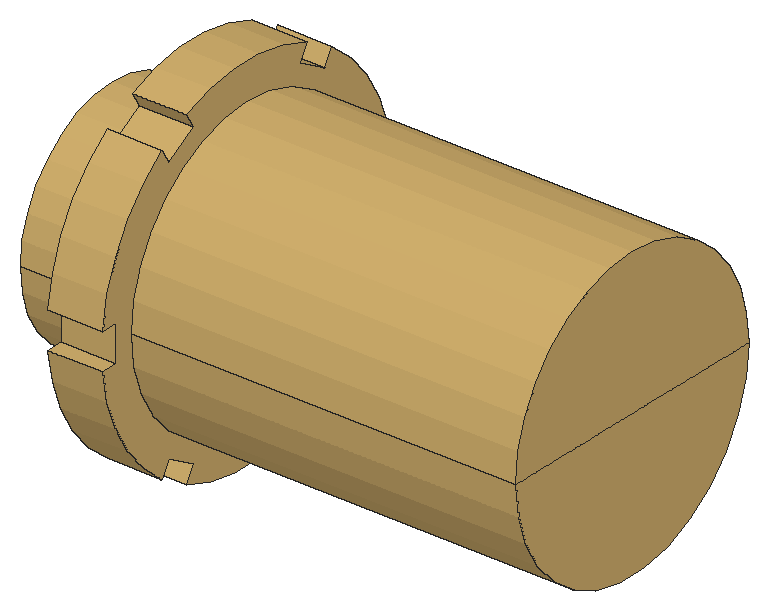
Revit family "qa", category Pipe Fittings, Revit 2018
Family settings
  Round Connector Dimension = Use Diameter
  Part Type = Transition
  OmniClass Number = 23.27.43.00
  OmniClass Title = Pipe Fittings
  Work Plane-Based = No
  Always vertical = Yes
  Cut with Voids When Loaded = No
  Shared = No
Parameters (values of type "90020")
  URL = "https://www.aignep.com/"
  Tick Size 02 [instance] = Nominal Diameter 02 * 0.4  # 25.40 mm
  Tick Size 01 [instance] = Nominal Diameter 01 * 0.4  # 32.00 mm
  QR code = "https://www.bimobject.com/aignep/product/tube-male-reducer-90020"
  Product url = "https://www.aignep.com/eng/Pipe-fittings-INFINITY/Air-Pipeline-INFINITY-Series/TUBE-MALE-REDUCER"
  Product name = "Tube-Male Reducer - 90020"
  Product group = "Fittings"
  Product family = "INFINITY"
  Product data url = "https://www.bimobject.com/aignep/product/tube-male-reducer-90020"
  Product certification = "https://www.aignep.com/eng/Certificazioni/FREE-OF-SILICON"
  Product SKU = "Tube-Male-Reducer-90020"
  Product Material = AIGNEP - Brass - Yellow
  Product Guid = "46c2632f-4457-49b9-ab34-72e4c379db0b"
  OmniClass Description = "Pipe Fittings"
  OmniClass Code = "23-27 43 00"
  Nominal Diameter 02 [instance] = 63.50 mm
  Nominal Diameter 01 [instance] = 80.00 mm
  Model = "90020"
  Material main = "Aluminium"
  Manufacturer name = "Aignep Spa"
  Manufacturer country = "Italy"
  Manufacturer = "Aignep Spa"
  Lookup Table Name = "90020"  # constant formula
  L [instance] = size_lookup(Lookup Table Name, "L", 0.00 mm, Nominal Diameter 01, Nominal Diameter 02)  # 143.00 mm
  Keynote = "15410"
  I_Type_A [instance] = Nominal Diameter 01 = 80.00 mm  # yes
  I_Type_01 [instance] = not(I_Type_A)  # no
  IFC Classification = "Pipe Fitting"
  Edition number = 1
  Design country = "Italy"
  Description = "Tube-male reducer"
  D [instance] = Nominal Diameter 01  # 80.00 mm
  CH [instance] = size_lookup(Lookup Table Name, "CH", 0.00 mm, Nominal Diameter 01, Nominal Diameter 02)  # 100.00 mm
  BIMobject category = "Joints"
  B [instance] = size_lookup(Lookup Table Name, "B", 0.00 mm, Nominal Diameter 01, Nominal Diameter 02)  # 22.00 mm
  Assembly Code = "D2040100"
  Article Code [instance] = size_lookup(Lookup Table Name, "", "ND", Nominal Diameter 01, Nominal Diameter 02)  # "90020 00 003"
  A [instance] = Nominal Diameter 02  # 63.50 mm
Reference planes
  plane 1 "Center (Front/Back)": y = -11.5
  plane 2: z = 0
  plane 3 "Center (Left/Right)": x = 0
  plane 4: y = 20.25
  plane 5: x = -89
  plane 6: x = 71.5
  plane 7: x = -67
  plane 8: y = -43.25
  plane 9: y = 28.5
  plane 10: y = -51.5
  plane 11: x = -52
  plane 12: x = -52
  plane 13: y = -61.5
  plane 14: y = 38.5
  plane 15: x = 143
  plane 16: x = 22
  plane 17: x = 37
Forms (mm)
  Revolve 1, solid, material "AIGNEP - Brass - Yellow" <- "Product Material", visible <- "I_Type_01", detail levels fine
    sketch origin (0, 0, 0) x (1, 0, 0) y (0, 1, 0)
      loop
        line (0, -11.5) -> (143, -11.5) -> (143, 28.5) -> (37, 28.5) -> (37, 20.25) -> (22, 20.25)
        arc (22, 20.25) -> (19.75, 19.386) -> (17.5, 20.25) r 3.363
        line (17.5, 20.25) -> (0, 20.25) -> (0, -11.5)
      axis (0, -11.5) -> (143, -11.5)
    angle from 0 to 360
  Revolve 2, solid, material "AIGNEP - Brass - Yellow" <- "Product Material", visible <- "I_Type_A", detail levels fine
    sketch origin (0, 0, 0) x (1, 0, 0) y (0, 1, 0)
      loop
        line (0, -11.5) -> (143, -11.5) -> (143, 28.5) -> (37, 28.5) -> (22, 28.5) -> (22, 20.25)
        arc (22, 20.25) -> (19.764, 19.559) -> (17.528, 20.25) r 3.964
        line (17.528, 20.25) -> (0, 20.25) -> (0, -11.5)
      axis (0, -11.5) -> (143, -11.5)
    angle from 0 to 360
  Sweep 3, solid, material "AIGNEP - Brass - Yellow" <- "Product Material", visible <- "I_Type_A", detail levels fine
    path origin (0, 0, 0) x (1, 0, 0) y (0, 1, 0)
      loop
        line (22, -11.5) -> (37, -11.5)
    profile origin (29.5, -11.5, 0) x (0, 1, 0) y (0, 0, 1)
      loop
        line (18.17, 41.471) -> (20.545, 45.584)
        arc (20.545, 45.584) -> (0, 50) -> (-20.545, 45.584) r 50
        line (-20.545, 45.584) -> (-18.17, 41.471) -> (-26.83, 36.471) -> (-29.205, 40.584)
        arc (-29.205, 40.584) -> (-43.301, 25) -> (-49.749, 5) r 50
        line (-49.749, 5) -> (-45, 5) -> (-45, -5) -> (-49.749, -5)
        arc (-49.749, -5) -> (-43.301, -25) -> (-29.205, -40.584) r 50
        line (-29.205, -40.584) -> (-26.83, -36.471) -> (-18.17, -41.471) -> (-20.545, -45.584)
        arc (-20.545, -45.584) -> (0, -50) -> (20.545, -45.584) r 50
        line (20.545, -45.584) -> (18.17, -41.471) -> (26.83, -36.471) -> (29.205, -40.584)
        arc (29.205, -40.584) -> (43.301, -25) -> (49.749, -5) r 50
        line (49.749, -5) -> (45, -5) -> (45, 5) -> (49.749, 5)
        arc (49.749, 5) -> (43.301, 25) -> (29.205, 40.584) r 50
        line (29.205, 40.584) -> (26.83, 36.471) -> (18.17, 41.471)
  Sweep 4, solid, material "AIGNEP - Brass - Yellow" <- "Product Material", visible <- "I_Type_01", detail levels fine
    path origin (0, 0, 0) x (1, 0, 0) y (0, 1, 0)
      loop
        line (22, -11.5) -> (37, -11.5)
    profile origin (29.5, -11.5, 0) x (0, 1, 0) y (0, 0, 1)
      loop
        line (24.42, 52.296) -> (26.82, 56.453)
        arc (26.82, 56.453) -> (0, 62.5) -> (-26.82, 56.453) r 62.5
        line (-26.82, 56.453) -> (-24.42, 52.296) -> (-33.08, 47.296) -> (-35.48, 51.453)
        arc (-35.48, 51.453) -> (-54.127, 31.25) -> (-62.3, 5) r 62.5
        line (-62.3, 5) -> (-57.5, 5) -> (-57.5, -5) -> (-62.3, -5)
        arc (-62.3, -5) -> (-54.127, -31.25) -> (-35.48, -51.453) r 62.5
        line (-35.48, -51.453) -> (-33.08, -47.296) -> (-24.42, -52.296) -> (-26.82, -56.453)
        arc (-26.82, -56.453) -> (0, -62.5) -> (26.82, -56.453) r 62.5
        line (26.82, -56.453) -> (24.42, -52.296) -> (33.08, -47.296) -> (35.48, -51.453)
        arc (35.48, -51.453) -> (54.127, -31.25) -> (62.3, -5) r 62.5
        line (62.3, -5) -> (57.5, -5) -> (57.5, 5) -> (62.3, 5)
        arc (62.3, 5) -> (54.127, 31.25) -> (35.48, 51.453) r 62.5
        line (35.48, 51.453) -> (33.08, 47.296) -> (24.42, 52.296)
Cuts and joins
  joined: Revolve 2, Sweep 3
  joined: Revolve 1, Sweep 4
Lines and regions (mm)
  model lines
    curve 1: line (0, -11.5, 0) -> (143, -11.5, 0)
  model lines, detail levels coarse+medium
    curve 2: line (143, -11.5, 0) -> (0, -11.5, 0)
    curve 3: line (143, 20.5, 0) -> (143, -43.5, 0)
    curve 4: line (0, 13.9, 0) -> (0, -36.9, 0)
Dimensions and locks
  equal spacing: plane 4, plane 1 "Center (Front/Back)", plane 8
  equal spacing: plane 9, plane 1 "Center (Front/Back)", plane 10
  locked: Revolve 1 sketch curve to Revolve 1 sketch curve at 4.5
  equal spacing: plane 14, plane 1 "Center (Front/Back)", plane 13
  "A": plane 4 to plane 8
  "D": plane 9 to plane 10
  "CH": plane 14 to plane 13
  equal spacing: plane 3 "Center (Left/Right)", plane 6, plane 15
  "L": plane 3 "Center (Left/Right)" to plane 15
  "B": plane 3 "Center (Left/Right)" to plane 16
  locked: plane 16 to plane 17 at 15
  locked: Revolve 2 sketch curve to Revolve 2 sketch curve at 4.472
  "Tick Size 01": plane 1 "Center (Front/Back)" to curve 3
  "Tick Size 01": curve 3 to plane 1 "Center (Front/Back)"
  "Tick Size 02": plane 1 "Center (Front/Back)" to curve 4
  "Tick Size 02": curve 4 to plane 1 "Center (Front/Back)"
  aligned and locked: level to plane 2
  aligned and locked: Revolve 1 sketch curve to plane 4  (x2)
  aligned and locked: Revolve 1 sketch curve to plane 9
  aligned and locked: plane 1 "Center (Front/Back)" to Revolve 1 sketch curve  (x2)
  aligned and locked: plane 1 "Center (Front/Back)" to Revolve 2 sketch curve  (x2)
  aligned and locked: Revolve 2 sketch curve to plane 9
  aligned and locked: plane 1 "Center (Front/Back)" to Sweep 3 sketch curve  (x7)
  aligned and locked: profile plane to plane 1 "Center (Front/Back)"
  aligned and locked: level to Sweep 3 sketch curve  (x6)
  aligned and locked: profile plane to level  (x2)
  aligned and locked: plane 1 "Center (Front/Back)" to Sweep 4 sketch curve  (x7)
  aligned and locked: level to Sweep 4 sketch curve  (x6)
  aligned and locked: plane 15 to Revolve 2 sketch curve
  aligned and locked: Revolve 2 sketch curve to plane 16
  aligned and locked: Revolve 2 sketch curve to plane 4
  aligned and locked: Revolve 2 sketch curve to plane 3 "Center (Left/Right)"
  aligned and locked: plane 4 to Revolve 2 sketch curve  (x2)
  aligned and locked: plane 15 to Revolve 1 sketch curve
  aligned and locked: Revolve 1 sketch curve to plane 3 "Center (Left/Right)"
  aligned and locked: Revolve 1 sketch curve to plane 17
  aligned and locked: Sweep 4 sketch curve to plane 17
  aligned and locked: plane 16 to Sweep 4 sketch curve
  aligned and locked: Sweep 3 sketch curve to plane 17
  aligned and locked: plane 16 to Sweep 3 sketch curve
  aligned and locked: plane 3 "Center (Left/Right)" to curve 2
  aligned and locked: plane 15 to curve 2
  aligned and locked: curve 2 to plane 1 "Center (Front/Back)"
  aligned and locked: curve 4 to plane 3 "Center (Left/Right)"
  aligned and locked: curve 3 to plane 15
  aligned and locked: plane 1 "Center (Front/Back)" to curve 1
Automatic sketch dimensions
  plane 12 to Revolve 2 sketch curve = 89.00 mm
  plane 4 to Revolve 2 sketch curve = 3.273 mm
  plane 3 "Center (Left/Right)" to Revolve 2 sketch curve = 7.00 mm
  Revolve 2 sketch curve to Revolve 2 sketch curve = 79.00 mm
  profile plane to Sweep 3 sketch curve = 18.17 mm  (x2)
  Sweep 3 sketch curve to Sweep 3 sketch curve = 2.375 mm  (x8)
  Sweep 3 sketch curve to Sweep 3 sketch curve = 8.66 mm  (x4)
  Sweep 3 sketch curve to level = 5.00 mm  (x2)
  Sweep 3 sketch curve to Sweep 3 sketch curve = 18.17 mm
  Sweep 3 sketch curve to Sweep 3 sketch curve = 4.749 mm  (x4)
  Sweep 3 sketch curve to profile plane = 18.17 mm  (x2)
  level to Sweep 3 sketch curve = 5.00 mm  (x2)
  Sweep 3 sketch curve to Sweep 3 sketch curve = 0.887 mm
  Sweep 3 sketch curve to Sweep 3 sketch curve = 4.113 mm  (x2)
  plane 4 to Revolve 1 sketch curve = 2.499 mm
  plane 3 "Center (Left/Right)" to Revolve 1 sketch curve = 4.00 mm
  plane 6 to Revolve 1 sketch curve = 15.00 mm
  profile plane to Sweep 4 sketch curve = 24.42 mm  (x2)
  Sweep 4 sketch curve to Sweep 4 sketch curve = 2.40 mm  (x8)
  Sweep 4 sketch curve to Sweep 4 sketch curve = 8.66 mm  (x4)
  Sweep 4 sketch curve to level = 5.00 mm
  Sweep 4 sketch curve to Sweep 4 sketch curve = 4.80 mm  (x4)
  Sweep 4 sketch curve to profile plane = 24.42 mm  (x2)
  level to Sweep 4 sketch curve = 5.00 mm  (x2)
  Sweep 4 sketch curve to Sweep 4 sketch curve = 24.42 mm
  Sweep 4 sketch curve to Sweep 4 sketch curve = 0.843 mm
  Sweep 4 sketch curve to Sweep 4 sketch curve = 4.157 mm  (x3)
  plane 1 "Center (Front/Back)" to Revolve 2 sketch curve = 0.00 mm
  plane 7 to Revolve 1 sketch curve = 89.00 mm
Connectors
  piping at (0, -11.5, 0), diameter 63.5, driven by "Nominal Diameter 02"
    settings: on cut or joined group of Revolve 2, Sweep 3, index 1, connector inside diameter 609.60 mm, connector length 0.00 mm, flow factor 0, pipe flow 0.0 L/s, pressure drop 0.0 Pa, fitting loss kfactor 0, connector angle 0.00°, fixture units 0, engagement length 0.00 mm, angle of deflection 0.00°, flow configuration 1, flow direction 1, fitting loss method 0, system type 28, joint type 0, gender type 0, connector reference index 2, connector utility 0, adjustable connector no, is connector primary yes, connector description ""
  piping at (143, -11.5, 0), diameter 80, driven by "Nominal Diameter 01"
    settings: on cut or joined group of Revolve 2, Sweep 3, index 2, connector inside diameter 609.60 mm, connector length 0.00 mm, flow factor 0, pipe flow 0.0 L/s, pressure drop 0.0 Pa, fitting loss kfactor 0, connector angle 0.00°, fixture units 0, engagement length 0.00 mm, angle of deflection 0.00°, flow configuration 1, flow direction 1, fitting loss method 0, system type 28, joint type 0, gender type 0, connector reference index 1, connector utility 0, adjustable connector no, is connector primary no, connector description ""
